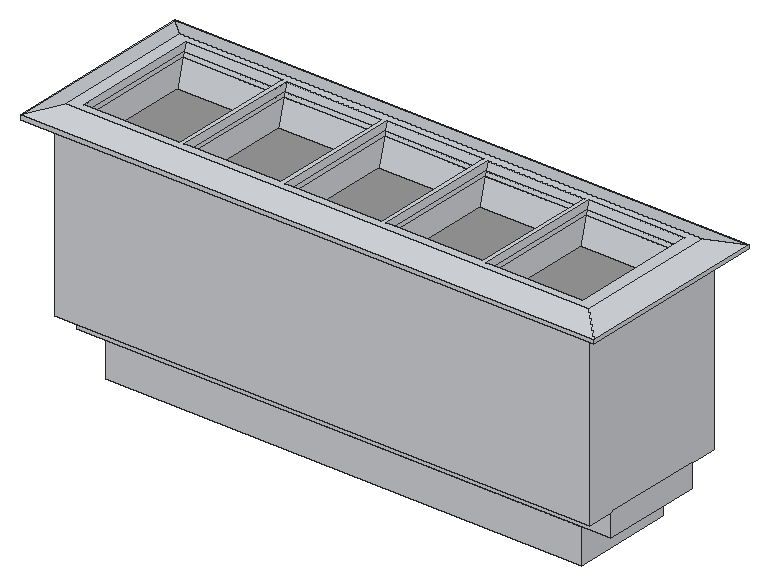
Revit family "2061150 Sylvania Lighting Fixture DOMINO 5xLED 940 BLACK MB TRIM BLACK", category Lighting Fixtures, host Face, Revit 2018
Family settings
  Host = Face
  Round Connector Dimension = Use Diameter
  Part Type = Normal
  OmniClass Number = 23.80.70.00
  OmniClass Title = Lighting
  Cut with Voids When Loaded = No
  Light Source = Yes
  Shared = No
  Room Calculation Point = No
Parameters (values of type "2061150 DOMINO 5XLED 940 BLACK MB TR BLK ")
  top top width = 15.812 mm
  top top length = 123 mm
  Width = 50 mm
  Weight = "n/a"
  Wattage Comments = ""
  Wattage = 9.2903 W
  WarrantyStartDate [instance] = "n/a"
  WarrantyGuarantorParts = "n/a"
  WarrantyDurationUnit = "n/a"
  WarrantyDurationParts = ""
  WarrantyDescription = "http://www.sylvania-lighting.com"
  built-in parameter 1150110 = 1 (stored number, unit not read)
  Voltage = 0 V
  URL = "0.6"
  TypeName = "DOMINO 5xLED 940 BLACK MB TRIM BLACK"
  Type Image = <None>
  Type Comments = "n/a"
  built-in parameter 1114217 = 1 (stored number, unit not read)
  Top Width = 26 mm
  Tilt Angle = 90.00°
  built-in parameter 1150109 = 1 (stored number, unit not read)
  built-in parameter 1150134 = 3
  built-in parameter 1150113 = 1 (stored number, unit not read)
  SerialNumber [instance] = "n/a"
  Recessed Width = 43 mm
  Recessed Length = 143 mm
  Photometric Web File = "2061150.ies"
  Material_3_FEILO = none
  PowerFactor = 0
  PowerConsumption = "Lighting"
  NominalLength = 50 mm
  NominalHeight = 0 mm
  NominalDepth = 0 mm
  Name = "DOMINO 5xLED 940 BLACK MB TRIM BLACK"
  ModelReference = Name  # "DOMINO 5xLED 940 BLACK MB TRIM BLACK"
  ModelNumber = "2061150"
  Model = Name  # "DOMINO 5xLED 940 BLACK MB TRIM BLACK"
  Material = "Feilo Sylvania"
  ManufacturerName = "62 lm/W"
  Manufacturer = ""
  LuminousEfficacy = ""
  built-in parameter 1150105 = 109.82 (stored number, unit not read)
  Lumens = 1380 lm
  LuminaireType = "0"
  built-in parameter 1150115 = 1 (stored number, unit not read)
  LightOutputRatio = "LED"
  built-in parameter 1150137 = (empty or 0)
  built-in parameter 1150139 = (empty or 0)
  Lens inside recess = 25 mm
  Lens Width = 32 mm
  Lens Outside recess = 31.978 mm
  Lens = Glass, White, High Luminance
  Length = 148 mm
  LampsType = Lamp  # "n/a"
  LampNominalLuminous = "4000 K"
  LampMacAdamStep = "90"
  LampColourTemperature = "LED"
  LampColourRenderingIndex = "16500"
  built-in parameter 1150112 = 1 (stored number, unit not read)
  built-in parameter 1150114 = 1 (stored number, unit not read)
  Lamp = "n/a"
  Keynote = "n/a"
  InstallationDate [instance] = "n/a"
  InputVoltage = "0"
  InputNominalFrequency = "4000"
  built-in parameter 1150132 = (empty or 0)
  built-in parameter 1150102 = (empty or 0)
  built-in parameter 1150107 = 3200 (stored number, unit not read)
  built-in parameter 1150138 = (empty or 0)
  IngressProtection = "IfcLightFixtureType"
  ImpactProtectionIndex = "IfcLightFixtureType"
  built-in parameter 1150106 = 1.0982 (stored number, unit not read)
  IfcExportType = "IfcLightFixtureType"
  IfcExportAs = "Class II"
  Facia internal width = 37 mm
  Facia internal length = 135 mm
  Facia Height = 2 mm
  ExpectedLife = 50000
  Emit from Circle Diameter = 609.6 mm
  Emit Shape Visible in Rendering = no
  ElectricShockClassification = "62"
  built-in parameter 1150104 = 13.8 (stored number, unit not read)
  DurationUnit = "hours"
  DocumentationLiterature = "http://www.sylvania-lighting.com/product/en-int/products/2061150"
  DimmingControlOptions = "n/a"
  Material_2_FEILO = none
  Dimming Lamp Color Temperature Shift = <None>
  Description = "Modular LED recessed linear spotlight, ideal for retail and hospitality applications. Die-cast aluminium body, passive cooling. Two levels of reflector installation, low glaring UGR<16. 5x LED source, 30° beam angle , optics: PMMA lens and polycarbonate reflector combination, Black matt reflector finish. Light color temperature: 4000K neutral white, total system power: 13W , total fixture lumen output: 800lm, efficacy: 62 lm/W, Ra90 typical, LED chromacity: 3 step MacAdam ellipse (SDCM3), lifespan: 96,000 hours at 90% of the original output (L90B10), IR/UV free light source without heat radiation, operating voltage: 220-240V / 50-60Hz, electronic driver, ultra low flicker, non-dimmable , electrical protection: Class II. Degree of Protection: IP40/IP20, suitable for indoor environment only. Ceiling cut-out: 43x43mm, outer dimensions:  150x50mm trim frame RAL 9005 - Jet black color.5 years Warranty."
  Default Elevation = 1219.2 mm
  CreatedOn = "10/02/2021"
  CreatedBy = "@sylvania-lighting.com"
  Cost = 0
  Color Filter = 16777215
  built-in parameter 1114216 [instance] = (empty or 0)
  ClassificationValue = "EF_70_80"
  ClassificationName = "Uniclass2015"
  Material_1_FEILO = none
  Body Width = 40 mm
  Body Length = 138 mm
  BarCode [instance] = "n/a"
  built-in parameter 1114218 = 1 (stored number, unit not read)
  built-in parameter 1150133 = 10 (stored number, unit not read)
  AssetType = "Fixed"
  AssetIdentifier [instance] = "n/a"
  Assembly Code = "D5020200"
  Apparent Load = 13 VA
  Material_4_FEILO = none
Reference planes
  plane 1 "Center (Front/Back)": y = 0
  plane 2: z = 0
  plane 3 "Center (Left/Right)": x = 0
  plane 4: z = 0
  plane 5: z = -7
  plane 6: z = -45.895
  plane 7: z = -51.895
  plane 8: z = -60.895
  plane 9: x = -71.5
  plane 10: x = 71.5
  plane 11: y = 21.5
  plane 12: y = -21.5
  plane 13: x = -74
  plane 14: x = 74
  plane 15: y = 25
  plane 16: y = -25
  plane 17: x = 67.5
  plane 18: x = -67.5
  plane 19: y = 18.5
  plane 20: y = -18.5
  plane 21: z = 2
  plane 22: x = -69
  plane 23: x = 69
  plane 24: y = 20
  plane 25: y = -20
  plane 26: y = 13
  plane 27: y = -13
  plane 28: x = 61.5
  plane 29: x = -61.5
  plane 30: x = -65.5
  plane 31: y = 16.5
  plane 32: y = -16.472
  plane 33: x = -40.5
  plane 34: x = -41
  plane 35: x = -65
  plane 36: y = 13
  plane 37: y = -12.972
  plane 38: x = -39.5
  plane 39: x = -14.48
  plane 40: x = -13.48
  plane 41: x = 11.52
  plane 42: x = 12.52
  plane 43: x = 37.52
  plane 44: x = 38.52
  plane 45: x = 64.5
Forms (mm)
  Extrusion 1, solid, not visible, detail levels medium+fine
    sketch origin (4.2, 0, 0) x (1, 0, 0) y (0, 1, 0)
      loop
        line (-29.2, 34.5) -> (-29.2, -34.5) -> (20.8, -34.5) -> (20.8, 34.5) -> (-29.2, 34.5)
    from 0 to 1
  Extrusion 2, solid, not visible, detail levels medium+fine
    sketch origin (4.044, 0, 0) x (1, 0, 0) y (0, 1, 0)
      loop
        line (-29.2, 34.5) -> (-29.2, -34.5) -> (20.8, -34.5) -> (20.8, 34.5) -> (-29.2, 34.5)
    from 0 to 1
  Blend 3, solid, not visible, detail levels medium+fine
    base sketch origin (4.2, 0, 0) x (1, 0, 0) y (0, 1, 0)
      loop
        line (-29.2, 34.5) -> (-29.2, -34.5) -> (20.8, -34.5) -> (20.8, 34.5) -> (-29.2, 34.5)
    top sketch origin (4.2, 0, 0) x (1, 0, 0) y (0, 1, 0)
      loop
        line (-21.7, 28) -> (-21.7, -28) -> (13.3, -28) -> (13.3, 28) -> (-21.7, 28)
    from 1 to 3
  Extrusion 4, solid, not visible, detail levels medium+fine
    sketch origin (3.419, 0, 0) x (1, 0, 0) y (0, 1, 0)
      loop
        line (-29.2, 34.5) -> (-29.2, -34.5) -> (20.8, -34.5) -> (20.8, 34.5) -> (-29.2, 34.5)
    from 0 to 1
  Blend 5, solid, not visible, detail levels medium+fine
    base sketch origin (3.575, 0, 0) x (1, 0, 0) y (0, 1, 0)
      loop
        line (-29.2, 34.5) -> (-29.2, -34.5) -> (20.8, -34.5) -> (20.8, 34.5) -> (-29.2, 34.5)
    top sketch origin (3.575, 0, 0) x (1, 0, 0) y (0, 1, 0)
      loop
        line (-21.7, 28) -> (-21.7, -28) -> (13.3, -28) -> (13.3, 28) -> (-21.7, 28)
    from 1 to 3
  Extrusion 6, solid, not visible, detail levels medium+fine
    sketch origin (4.247, 0, 0) x (1, 0, 0) y (0, 1, 0)
      loop
        line (-29.2, 34.5) -> (-29.2, -34.5) -> (20.8, -34.5) -> (20.8, 34.5) -> (-29.2, 34.5)
    from 0 to 1
  Blend 7, solid, not visible, detail levels medium+fine
    base sketch origin (4.403, 0, 0) x (1, 0, 0) y (0, 1, 0)
      loop
        line (-29.2, 34.5) -> (-29.2, -34.5) -> (20.8, -34.5) -> (20.8, 34.5) -> (-29.2, 34.5)
    top sketch origin (4.403, 0, 0) x (1, 0, 0) y (0, 1, 0)
      loop
        line (-21.7, 28) -> (-21.7, -28) -> (13.3, -28) -> (13.3, 28) -> (-21.7, 28)
    from 1 to 3
  Extrusion 8, void, detail levels medium+fine
    sketch origin (4.2, 0, 0) x (0, 1, 0) y (1, 0, 0)
      loop
        line (21.5, -75.7) -> (21.5, 67.3) -> (-21.5, 67.3) -> (-21.5, -75.7) -> (21.5, -75.7)
    from -9.934 to 83.097
  Extrusion 9, solid, detail levels medium+fine
    sketch origin (4.2, 0, 0) x (1, 0, 0) y (0, 1, 0)
      loop
        line (-78.2, 25) -> (-78.2, -25) -> (69.8, -25) -> (69.8, 25) -> (-78.2, 25)
    from 0 to 1
  Extrusion 10, solid, detail levels medium+fine
    sketch origin (4.2, 0, 0) x (1, 0, 0) y (0, 1, 0)
      loop
        line (-73.2, 20) -> (-73.2, -20) -> (64.8, -20) -> (64.8, 20) -> (-73.2, 20)
    from 0 to -45.895
  Extrusion 11, solid, detail levels medium+fine
    sketch origin (4.2, 0, 0) x (1, 0, 0) y (0, 1, 0)
      loop
        line (-73.2, 13) -> (-73.2, -13) -> (64.8, -13) -> (64.8, 13) -> (-73.2, 13)
    from -51.895 to -45.895
  Extrusion 12, solid, material "Glass, White, High Luminance" <- "Lens", detail levels fine
    sketch origin (11.874, 1219.733, 36.156) x (1, 0, 0) y (0, 1, 0)
      loop
        line (-75.883, -1206.7) -> (-75.883, -1232.733) -> (-51.887, -1232.733) -> (-51.887, -1206.7) -> (-75.883, -1206.7)
    from -43.156 to -42.182
  Blend 13, solid, detail levels medium+fine
    base sketch origin (4.2, 0, 0) x (1, 0, 0) y (0, 1, 0)
      loop
        line (-78.2, 25) -> (-78.2, -25) -> (69.8, -25) -> (69.8, 25) -> (-78.2, 25)
    top sketch origin (4.2, 0, 0) x (1, 0, 0) y (0, 1, 0)
      loop
        line (-71.7, 18.5) -> (-71.7, -18.5) -> (63.3, -18.5) -> (63.3, 18.5) -> (-71.7, 18.5)
    from 1 to 3
  Extrusion 14, solid, detail levels fine
    sketch origin (0, 0, 0) x (1, 0, 0) y (0, 0, 1)
      loop
        line (-61.5, -51.895) -> (-61.5, -60.895) -> (61.5, -60.895) -> (61.5, -51.895) -> (-61.5, -51.895)
    from -13 to 13
  Blend 15, void
    base sketch origin (5.187, 0, 0) x (0, 1, 0) y (-1, 0, 0)
      loop
        line (16.5, 69.7) -> (-16.472, 69.7) -> (-16.472, 44.7) -> (16.5, 44.7) -> (16.5, 69.7)
    top sketch origin (5.187, 0, 0) x (0, 1, 0) y (-1, 0, 0)
      loop
        line (13, 69.2) -> (-12.972, 69.2) -> (-12.972, 45.2) -> (13, 45.2) -> (13, 69.2)
    from 3 to -7
  Blend 16, void
    base sketch origin (31.202, 0, 0) x (0, 1, 0) y (-1, 0, 0)
      loop
        line (16.5, 69.7) -> (-16.472, 69.7) -> (-16.472, 44.7) -> (16.5, 44.7) -> (16.5, 69.7)
    top sketch origin (31.202, 0, 0) x (0, 1, 0) y (-1, 0, 0)
      loop
        line (13, 69.2) -> (-12.972, 69.2) -> (-12.972, 45.2) -> (13, 45.2) -> (13, 69.2)
    from 3 to -7
  Blend 17, void
    base sketch origin (57.213, -0.017, 0) x (0, 1, 0) y (-1, 0, 0)
      loop
        line (16.5, 69.7) -> (-16.472, 69.7) -> (-16.472, 44.7) -> (16.5, 44.7) -> (16.5, 69.7)
    top sketch origin (57.213, -0.017, 0) x (0, 1, 0) y (-1, 0, 0)
      loop
        line (13, 69.2) -> (-12.972, 69.2) -> (-12.972, 45.2) -> (13, 45.2) -> (13, 69.2)
    from 3 to -7
  Blend 18, void
    base sketch origin (83.222, 0, 0) x (0, 1, 0) y (-1, 0, 0)
      loop
        line (16.5, 69.7) -> (-16.472, 69.7) -> (-16.472, 44.7) -> (16.5, 44.7) -> (16.5, 69.7)
    top sketch origin (83.222, 0, 0) x (0, 1, 0) y (-1, 0, 0)
      loop
        line (13, 69.2) -> (-12.972, 69.2) -> (-12.972, 45.2) -> (13, 45.2) -> (13, 69.2)
    from 3 to -7
  Blend 19, void
    base sketch origin (109.202, 0, 0) x (0, 1, 0) y (-1, 0, 0)
      loop
        line (16.5, 69.7) -> (-16.472, 69.7) -> (-16.472, 44.7) -> (16.5, 44.7) -> (16.5, 69.7)
    top sketch origin (109.202, 0, 0) x (0, 1, 0) y (-1, 0, 0)
      loop
        line (13, 69.2) -> (-12.972, 69.2) -> (-12.972, 45.2) -> (13, 45.2) -> (13, 69.2)
    from 3 to -7
  Extrusion 20, solid, material "Glass, White, High Luminance" <- "Lens", detail levels fine
    sketch origin (37.889, 1219.733, 36.156) x (1, 0, 0) y (0, 1, 0)
      loop
        line (-75.883, -1206.7) -> (-75.883, -1232.733) -> (-51.887, -1232.733) -> (-51.887, -1206.7) -> (-75.883, -1206.7)
    from -43.156 to -42.182
  Extrusion 21, solid, material "Glass, White, High Luminance" <- "Lens", detail levels fine
    sketch origin (63.896, 1219.733, 36.156) x (1, 0, 0) y (0, 1, 0)
      loop
        line (-75.883, -1206.7) -> (-75.883, -1232.733) -> (-51.887, -1232.733) -> (-51.887, -1206.7) -> (-75.883, -1206.7)
    from -43.156 to -42.182
  Extrusion 22, solid, material "Glass, White, High Luminance" <- "Lens", detail levels fine
    sketch origin (89.905, 1219.733, 36.156) x (1, 0, 0) y (0, 1, 0)
      loop
        line (-75.883, -1206.7) -> (-75.883, -1232.733) -> (-51.887, -1232.733) -> (-51.887, -1206.7) -> (-75.883, -1206.7)
    from -43.156 to -42.182
  Extrusion 23, solid, material "Glass, White, High Luminance" <- "Lens", detail levels fine
    sketch origin (115.886, 1219.733, 36.156) x (1, 0, 0) y (0, 1, 0)
      loop
        line (-75.883, -1206.7) -> (-75.883, -1232.733) -> (-51.887, -1232.733) -> (-51.887, -1206.7) -> (-75.883, -1206.7)
    from -43.156 to -42.182
  Extrusion 24, solid, detail levels coarse
    sketch origin (4.2, 0, 0) x (1, 0, 0) y (0, 1, 0)
      loop
        line (-78.2, 25) -> (-78.2, -25) -> (69.8, -25) -> (69.8, 25) -> (-78.2, 25)
    from 3 to -60.895
Cuts and joins
  Blend 15, Blend 16, Blend 17, Blend 18, Blend 19 cuts Extrusion 9
  Blend 15, Blend 16, Blend 17, Blend 18, Blend 19 cuts Extrusion 10
  Blend 15, Blend 16, Blend 17, Blend 18, Blend 19 cuts Blend 13
Dimensions and locks
  "Recessed Length": plane 9 to plane 10
  equal spacing: plane 9, plane 3 "Center (Left/Right)", plane 10
  "Length": plane 13 to plane 14
  equal spacing: plane 13, plane 3 "Center (Left/Right)", plane 14
  "Recessed Width": plane 11 to plane 12
  equal spacing: plane 11, plane 1 "Center (Front/Back)", plane 12
  "Width": plane 15 to plane 16
  equal spacing: plane 15, plane 1 "Center (Front/Back)", plane 16
  "Facia internal length": plane 18 to plane 17
  equal spacing: plane 18, plane 3 "Center (Left/Right)", plane 17
  "Facia internal width": plane 19 to plane 20
  equal spacing: plane 19, plane 1 "Center (Front/Back)", plane 20
  "Facia Height": plane 21 to host face
  "Body Length": plane 22 to plane 23
  equal spacing: plane 22, plane 3 "Center (Left/Right)", plane 23
  "Body Width": plane 24 to plane 25
  equal spacing: plane 24, plane 1 "Center (Front/Back)", plane 25
  "Top Width": plane 26 to plane 27
  equal spacing: plane 26, plane 1 "Center (Front/Back)", plane 27
  "top top length": plane 29 to plane 28
  equal spacing: plane 29, plane 3 "Center (Left/Right)", plane 28  (x2)
  plane 28 to plane 29 = 123 mm
  equal spacing: plane 28, plane 3 "Center (Left/Right)", plane 29
  aligned and locked: plane 2 to host face
  aligned and locked: level to host face
  aligned and locked: Extrusion 11 to plane 7
  aligned and locked: Extrusion 10 to plane 6
  aligned and locked: Extrusion 12 to plane 5
Automatic sketch dimensions
  Extrusion 1 sketch curve to Extrusion 1 sketch curve = 50 mm
  Extrusion 1 sketch curve to Extrusion 1 sketch curve = 69 mm
  Extrusion 2 sketch curve to Extrusion 2 sketch curve = 50 mm
  Extrusion 2 sketch curve to Extrusion 2 sketch curve = 69 mm
  Blend 3 sketch curve to Blend 3 sketch curve = 50 mm
  Blend 3 sketch curve to Blend 3 sketch curve = 69 mm
  Blend 3 sketch curve to Blend 3 sketch curve = 35 mm
  Blend 3 sketch curve to Blend 3 sketch curve = 56 mm
  Extrusion 4 sketch curve to Extrusion 4 sketch curve = 50 mm
  Extrusion 4 sketch curve to Extrusion 4 sketch curve = 69 mm
  Blend 5 sketch curve to Blend 5 sketch curve = 50 mm
  Blend 5 sketch curve to Blend 5 sketch curve = 69 mm
  Blend 5 sketch curve to Blend 5 sketch curve = 35 mm
  Blend 5 sketch curve to Blend 5 sketch curve = 56 mm
  Extrusion 6 sketch curve to Extrusion 6 sketch curve = 50 mm
  Extrusion 6 sketch curve to Extrusion 6 sketch curve = 69 mm
  Blend 7 sketch curve to Blend 7 sketch curve = 50 mm
  Blend 7 sketch curve to Blend 7 sketch curve = 69 mm
  Blend 7 sketch curve to Blend 7 sketch curve = 35 mm
  Blend 7 sketch curve to Blend 7 sketch curve = 56 mm
  host sketch curve to host sketch curve = 2438.4 mm  (x2)
  Extrusion 8 sketch curve to plane 9 = 0 mm
  Extrusion 8 sketch curve to plane 12 = 0 mm
  Extrusion 8 sketch curve to plane 11 = 0 mm
  Extrusion 8 sketch curve to plane 10 = 0 mm
  Extrusion 9 sketch curve to plane 13 = 0 mm
  Extrusion 9 sketch curve to plane 14 = 0 mm
  Extrusion 9 sketch curve to plane 16 = 0 mm
  Extrusion 9 sketch curve to plane 15 = 0 mm
  Extrusion 10 sketch curve to plane 22 = 0 mm
  Extrusion 10 sketch curve to plane 23 = 0 mm
  Extrusion 10 sketch curve to plane 25 = 0 mm
  Extrusion 10 sketch curve to plane 24 = 0 mm
  Extrusion 11 sketch curve to plane 22 = 0 mm
  Extrusion 11 sketch curve to plane 23 = 0 mm
  Extrusion 11 sketch curve to plane 27 = 0 mm
  Extrusion 11 sketch curve to plane 26 = 0 mm
  Extrusion 12 sketch curve to plane 27 = 0 mm
  plane 35 to Extrusion 12 sketch curve = 0.991 mm
  plane 26 to Extrusion 12 sketch curve = 0.033 mm
  plane 33 to Extrusion 12 sketch curve = 0.487 mm
  Blend 13 sketch curve to plane 13 = 0 mm
  Blend 13 sketch curve to plane 14 = 0 mm
  Blend 13 sketch curve to plane 16 = 0 mm
  Blend 13 sketch curve to plane 15 = 0 mm
  Blend 13 sketch curve to plane 18 = 0 mm
  Blend 13 sketch curve to plane 17 = 0 mm
  Blend 13 sketch curve to plane 20 = 0 mm
  Blend 13 sketch curve to plane 19 = 0 mm
  Extrusion 14 sketch curve to plane 8 = 0 mm
  Extrusion 14 sketch curve to plane 29 = 0 mm
  Extrusion 14 sketch curve to plane 28 = 0 mm
  Extrusion 14 sketch curve to plane 7 = 0 mm
  Blend 15 sketch curve to plane 32 = 0 mm
  Blend 15 sketch curve to plane 31 = 0 mm
  Blend 15 sketch curve to plane 38 = 0.013 mm
  plane 35 to Blend 15 sketch curve = 0.487 mm
  Blend 15 sketch curve to plane 37 = 0 mm
  Blend 15 sketch curve to plane 26 = 0 mm
  plane 33 to Blend 15 sketch curve = 0.487 mm
  plane 35 to Blend 15 sketch curve = 0.987 mm
  Blend 16 sketch curve to plane 32 = 0 mm
  Blend 16 sketch curve to plane 31 = 0 mm
  Blend 16 sketch curve to plane 40 = 0.018 mm
  plane 38 to Blend 16 sketch curve = 1.002 mm
  Blend 16 sketch curve to plane 37 = 0 mm
  Blend 16 sketch curve to plane 26 = 0 mm
  plane 39 to Blend 16 sketch curve = 0.482 mm
  plane 38 to Blend 16 sketch curve = 1.502 mm
  Blend 17 sketch curve to plane 32 = 0.017 mm
  Blend 17 sketch curve to plane 31 = 0.017 mm
  Blend 17 sketch curve to plane 42 = 0.007 mm
  plane 40 to Blend 17 sketch curve = 0.993 mm
  plane 27 to Blend 17 sketch curve = 0.011 mm
  Blend 17 sketch curve to plane 26 = 0.017 mm
  plane 41 to Blend 17 sketch curve = 0.493 mm
  plane 40 to Blend 17 sketch curve = 1.493 mm
  plane 32 to Blend 18 sketch curve = 0 mm
  plane 31 to Blend 18 sketch curve = 0 mm
  plane 44 to Blend 18 sketch curve = 0.002 mm
  plane 42 to Blend 18 sketch curve = 1.002 mm
  plane 37 to Blend 18 sketch curve = 0 mm
  plane 26 to Blend 18 sketch curve = 0 mm
  Blend 18 sketch curve to plane 44 = 0.498 mm
  plane 42 to Blend 18 sketch curve = 1.502 mm
  Blend 19 sketch curve to plane 32 = 0 mm
  Blend 19 sketch curve to plane 31 = 0 mm
  plane 45 to Blend 19 sketch curve = 0.002 mm
  plane 44 to Blend 19 sketch curve = 0.982 mm
  Blend 19 sketch curve to plane 37 = 0 mm
  Blend 19 sketch curve to plane 26 = 0 mm
  Blend 19 sketch curve to plane 45 = 0.498 mm
  plane 44 to Blend 19 sketch curve = 1.482 mm
  Extrusion 20 sketch curve to plane 27 = 0 mm
  plane 38 to Extrusion 20 sketch curve = 1.506 mm
  plane 26 to Extrusion 20 sketch curve = 0.033 mm
  plane 39 to Extrusion 20 sketch curve = 0.482 mm
  Extrusion 21 sketch curve to plane 27 = 0 mm
  plane 40 to Extrusion 21 sketch curve = 1.493 mm
  plane 26 to Extrusion 21 sketch curve = 0.033 mm
  plane 41 to Extrusion 21 sketch curve = 0.49 mm
  Extrusion 22 sketch curve to plane 27 = 0 mm
  plane 42 to Extrusion 22 sketch curve = 1.502 mm
  plane 26 to Extrusion 22 sketch curve = 0.033 mm
  plane 43 to Extrusion 22 sketch curve = 0.498 mm
  Extrusion 23 sketch curve to plane 27 = 0 mm
  plane 44 to Extrusion 23 sketch curve = 1.482 mm
  plane 26 to Extrusion 23 sketch curve = 0.033 mm
  Extrusion 23 sketch curve to plane 45 = 0.501 mm
  Extrusion 24 sketch curve to plane 13 = 0 mm
  Extrusion 24 sketch curve to plane 14 = 0 mm
  Extrusion 24 sketch curve to plane 16 = 0 mm
  Extrusion 24 sketch curve to plane 15 = 0 mm
Connectors
  electrical at (0, 0, -60.895)
    settings: on Extrusion 14, index 1, voltage 0 V, apparent load 0 VA, apparent load phase1 0 VA, apparent load phase2 0 VA, apparent load phase3 0 VA, power factor 1, load classification "Other", number of poles 1, system type 31, power factor state 1, is connector primary yes, connector utility no, sub classification motor no, connector description ""
